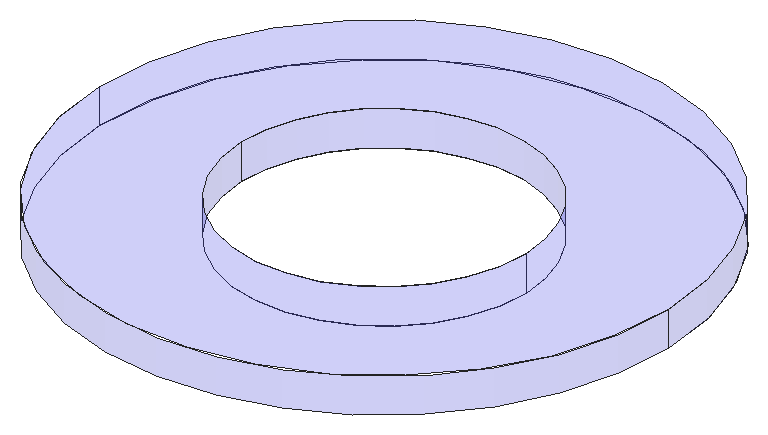
Revit family "seduta2", category Modelli generici, Revit 2012
Parameters
  materiale seduta = seduta
Reference planes (m)
  plane 1 "Centro (Fronte/Retro)": y = 0
  plane 2: z = 0
  plane 3 "Centro (Sinistra/Destra)": x = 0
Forms (m)
  Extrusion 1, solid, material "seduta" <- "materiale seduta"
    sketch origin (0, 0, 0) x (1, 0, 0) y (0, 1, 0)
      loop
        circle (0, 0) r 0.8
    from 0 to 0.1
  Extrusion 2, void
    sketch origin (0, 0, 0) x (1, 0, 0) y (0, 1, 0)
      loop
        circle (0, 0) r 0.4
    from 0 to 0.683157
Cuts and joins
  Extrusion 2 cuts Extrusion 1
Dimensions and locks (m)
  aligned and locked: level to plane 2
